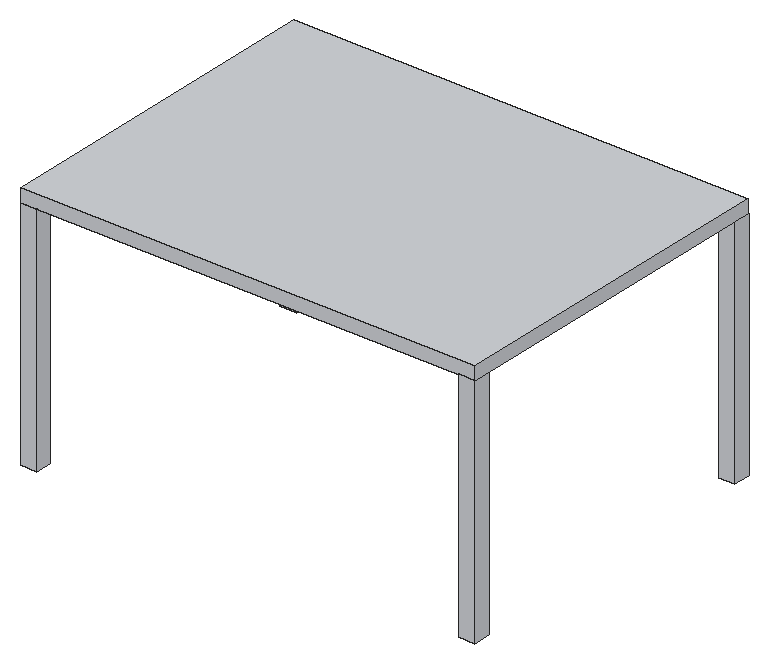
Revit family "DiningTable", category 家具, Revit 2025
Family settings
  OmniClass 编号 = 23.40.20.00
  OmniClass 标题 = General Furniture and Specialties
  基于工作平面 = 否
  视图中启用分割 = 否
  总是垂直 = 是
  载入时剪切的空心 = 否
  渲染外观源 = 族几何图形
  共享 = 否
  房间计算点 = 否
Parameters
  默认高程 = 0 mm
Reference planes
  plane 1 "中心(前/后)": y = 0
  plane 2: z = 0
  plane 3 "中心(左/右)": x = 0
  plane 4: x = -686
  plane 5: x = 686
  plane 6: y = 515
  plane 7: y = -515
  plane 8: x = -636
  plane 9: y = 465
  plane 10: x = 636
  plane 11: y = -465
Forms (mm)
  Extrusion 1, solid
    sketch origin (0, 0, 0) x (1, 0, 0) y (0, 1, 0)
      loop
        line (-686, 515) -> (-686, 465) -> (-636, 465) -> (-636, 515) -> (-686, 515)
    from 0 to 710
  Extrusion 2, solid
    sketch origin (0, 0, 0) x (1, 0, 0) y (0, 1, 0)
      loop
        line (636, 515) -> (636, 465) -> (686, 465) -> (686, 515) -> (636, 515)
    from 0 to 710
  Extrusion 3, solid
    sketch origin (0, 0, 0) x (1, 0, 0) y (0, 1, 0)
      loop
        line (-686, -465) -> (-686, -515) -> (-636, -515) -> (-636, -465) -> (-686, -465)
    from 0 to 710
  Extrusion 4, solid
    sketch origin (0, 0, 0) x (1, 0, 0) y (0, 1, 0)
      loop
        line (636, -465) -> (636, -515) -> (686, -515) -> (686, -465) -> (636, -465)
    from 0 to 710
  Extrusion 5, solid
    sketch origin (0, 0, 0) x (1, 0, 0) y (0, 1, 0)
      loop
        line (-686, 515) -> (-686, -515) -> (686, -515) -> (686, 515) -> (-686, 515)
    from 710 to 750
Dimensions and locks
  aligned and locked: level to plane 2
